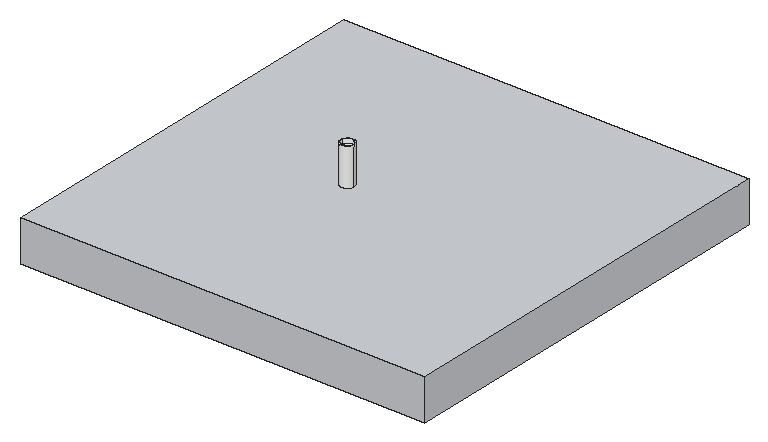
Revit family "Zumtobel PANOS INF SC R100", category Lighting Fixtures, host Face, Revit 2016
Family settings
  Host = Face
  Part Type = Normal
  Round Connector Dimension = Use Diameter
  OmniClass Number = 23.80.70.11
  OmniClass Title = Luminaries for Internal Lighting
  Cut with Voids When Loaded = No
  Light Source = Yes
  Shared = No
  Room Calculation Point = No
Parameters (values of type "PANOS-INF SC R100")
  Width = 100 mm
  Wattage Comments = ""
  Wattage = 8.11219 W
  built-in parameter 1150110 = 1 (stored number, unit not read)
  Voltage = 230 V
  URL = "http://www.zumtobel.com/60818411"
  Type Comments = "© Zumtobel. We reserve the right to make technical changes without prior notice."  # constant formula
  built-in parameter 1114217 = 1 (stored number, unit not read)
  Tilt Angle = 180.00°
  built-in parameter 1150109 = 1 (stored number, unit not read)
  built-in parameter 1150134 = 12
  built-in parameter 1150113 = 1 (stored number, unit not read)
  Photometric Web File = "60818411_(STD_LEO).IES"
  Offset from Level [instance] = 0 mm
  built-in parameter 1150105 = 95.891 (stored number, unit not read)
  Lumens = 1205 lm
  built-in parameter 1150115 = 1 (stored number, unit not read)
  built-in parameter 1150137 = (empty or 0)
  built-in parameter 1150139 = (empty or 0)
  Length = Width  # 100 mm
  built-in parameter 1150112 = 1 (stored number, unit not read)
  built-in parameter 1150114 = 1 (stored number, unit not read)
  built-in parameter 1150132 = 2
  built-in parameter 1150102 = (empty or 0)
  built-in parameter 1150107 = 4000 (stored number, unit not read)
  built-in parameter 1150138 = (empty or 0)
  built-in parameter 1150106 = 0.95891 (stored number, unit not read)
  Height = 276 mm
  built-in parameter 1150104 = 13.8 (stored number, unit not read)
  Dimming Lamp Color Temperature Shift = <None>
  Model = "60818411"
  Manufacturer = "Zumtobel Lighting"  # constant formula
  Lamp = "LED"
  Description = "LED luminaire"  # constant formula
  Default Elevation = 0 mm
  Color Filter = 16777215
  Body = Zumtobel_Metal_White
  built-in parameter 1114218 = 1 (stored number, unit not read)
  built-in parameter 1150133 = 10 (stored number, unit not read)
  Assembly Code = "D5020200"
  Apparent Load = 22 VA
Types (2, lengths in mm): name | Width | Wattage | URL | Photometric Web File | built-in parameter 1150105 | Lumens | Length | built-in parameter 1150106 | Height | Model | Apparent Load
  PANOS-INF SC R100 | 100 | 8.11219 W | "http://www.zumtobel.com/60818411" | "60818411_(STD_LEO).IES" | 95.891 (stored number, unit not read) | 1205 lm | 100 | 0.95891 (stored number, unit not read) | 276 | "60818411" | 22 VA
  PANOS-INF SC R70 | 70 | 5.12986 W | "http://www.zumtobel.com/60818364" | "60818364_(STD_LEO).IES" | 842.7 (stored number, unit not read) | 762 lm | 70 | 8.427 (stored number, unit not read) | 227 | "60818364" | 12 VA
Reference planes
  plane 1 "Center (Front/Back)": y = 0
  plane 2 "Bottom": z = 0
  plane 3 "Center (Left/Right)": x = -735.5
  plane 4: z = 0
  plane 5: z = 276
  plane 6: z = 251
  plane 7: x = -785.5
  plane 8: x = -685.5
Forms (mm)
  Extrusion 1, solid
    sketch origin (123, 0, 0) x (1, 0, 0) y (0, 1, 0)
      loop
        line (-2085.5, 1500) -> (-2085.5, -1500) -> (914.5, -1500) -> (914.5, 1500) -> (-2085.5, 1500)
    from 0 to -304.8
  Revolve 2, solid, material "Zumtobel_Metal_White" <- "Body"
    sketch origin (0, 0, 0) x (1, 0, 0) y (0, 0, 1)
      loop
        line (-785.5, 276) -> (-785.5, 0) -> (-735.5, 0) -> (-735.5, 251) -> (-778.313, 251) -> (-780.5, 276) -> (-785.5, 276)
      axis (-735.5, 276) -> (-735.5, 0)
    angle from 0 to 360
Dimensions and locks
  "Offset from Level": plane 2 "Bottom" to plane 4
  "Height": plane 5 to plane 4
  locked: plane 5 to plane 6 at 25
  equal spacing: plane 8, plane 3 "Center (Left/Right)", plane 7
  "Width": plane 7 to plane 8
  aligned and locked: plane 2 "Bottom" to Extrusion 1
  aligned and locked: level to Extrusion 1
  aligned and locked: imposter light to plane 3 "Center (Left/Right)"
  aligned and locked: imposter light to plane 1 "Center (Front/Back)"
  aligned and locked: imposter light to plane 5
  aligned and locked: Revolve 2 sketch curve to imposter light
  aligned and locked: Revolve 2 sketch curve to plane 4
  aligned and locked: plane 6 to Revolve 2 sketch curve
  aligned and locked: Revolve 2 sketch curve to plane 7
Automatic sketch dimensions
  Extrusion 1 sketch curve to Extrusion 1 sketch curve = 3000 mm  (x2)
  plane 3 "Center (Left/Right)" to Revolve 2 sketch curve = 0 mm  (x2)
  Revolve 2 sketch curve to Revolve 2 sketch curve = 2.187 mm
  Revolve 2 sketch curve to Revolve 2 sketch curve = 5 mm
  Revolve 2 sketch curve to level = 950.968 mm
  Revolve 2 sketch curve to Revolve 2 sketch curve = 35 mm
Connectors
  electrical at (-735.5, 0, 0), driven by "Voltage", driven by "Apparent Load"
    settings: on Revolve 2, index 2, voltage 230 V, apparent load 22 VA, apparent load phase1 0 VA, apparent load phase2 0 VA, apparent load phase3 0 VA, power factor 1, load classification "Lighting", number of poles 1, system type 30, power factor state 1, is connector primary yes, connector utility no, sub classification motor no, connector description "Power"
